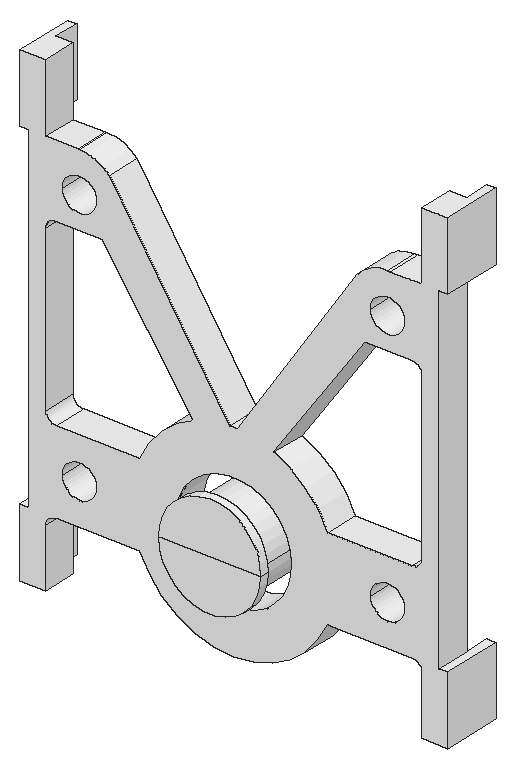
Revit family "Plumbing Fixture-Water_Closet_Carrier_Mifab_MC-24", category Plumbing Fixtures, host Face, Revit 2013
Parameters
  WFU = 0
  URL = "www.mifab.com"
  Model = "MC-24"
  Manufacturer = "MIFAB"
  Floor Drain Material = Paint - Sherwin Williams Paint - #952C2A - Bellwood Red
  Description = "Residential Water Closet Carrier"
  Default Elevation = 0.000"
  Assembly Code = ""
Reference planes (in)
  plane 1 "Center (Front/Back)": y = 0
  plane 2: z = 0
  plane 3 "Center (Left/Right)": x = 0
Forms (in)
  Extrusion 1, solid, material "Paint - Sherwin Williams Paint - #952C2A - Bellwood Red" <- "Floor Drain Material"
    sketch origin (0, 0.373, -11.04283) x (1, 0, 0) y (0, 0, 1)
      loop
        line (-6, 24.93201) -> (-6, 11.04283) -> (-5.5, 11.04283) -> (-5.5, 12.75458)
        arc (-5.5, 12.75458) -> (-5.40779, 12.96623) -> (-5.19, 13.04283) r 0.28902
        line (-5.19, 13.04283) -> (-2.74641, 13.04283)
        arc (-2.74641, 13.04283) -> (0, 11.25) -> (2.74641, 13.04283) r 3
        line (2.74641, 13.04283) -> (5.19, 13.04283)
        arc (5.19, 13.04283) -> (5.40779, 12.96623) -> (5.5, 12.75458) r 0.28902
        line (5.5, 12.75458) -> (5.5, 11.04283) -> (6, 11.04283) -> (6, 24.93201) -> (5.5, 24.93201) -> (5.5, 22.93201) -> (4.56775, 22.93201) -> (4.5, 22.93201)
        arc (4.5, 22.93201) -> (4.02491, 22.83234) -> (3.62996, 22.55011) r 1.18201
        line (3.62996, 22.55011) -> (0.12744, 17.24729)
        arc (0.12744, 17.24729) -> (0, 17.25) -> (-0.12744, 17.24729) r 3
        line (-0.12744, 17.24729) -> (-3.62996, 22.55011)
        arc (-3.62996, 22.55011) -> (-4.02491, 22.83234) -> (-4.5, 22.93201) r 1.18201
        line (-4.5, 22.93201) -> (-4.56775, 22.93201) -> (-5.5, 22.93201) -> (-5.5, 24.93201) -> (-6, 24.93201)
      loop
        circle (-4.5, 21.75) r 0.5
      loop
        circle (-4.5, 14.25) r 0.5
      loop
        line (-1.17909, 17.00858) -> (-3.84985, 20.82283) -> (-5.19, 20.82283)
        arc (-5.19, 20.82283) -> (-5.40779, 20.74623) -> (-5.5, 20.53457) r 0.28902
        line (-5.5, 20.53457) -> (-5.5, 15.74542)
        arc (-5.5, 15.74542) -> (-5.40779, 15.53377) -> (-5.19, 15.45717) r 0.28902
        line (-5.19, 15.45717) -> (-2.74641, 15.45717)
        arc (-2.74641, 15.45717) -> (-2.11047, 16.38211) -> (-1.17909, 17.00858) r 3
      loop
        circle (4.5, 21.75) r 0.5
      loop
        circle (4.5, 14.25) r 0.5
      loop
        line (5.5, 15.74542) -> (5.5, 20.53457)
        arc (5.5, 20.53457) -> (5.40779, 20.74623) -> (5.19, 20.82283) r 0.28902
        line (5.19, 20.82283) -> (3.84985, 20.82283) -> (1.17909, 17.00858)
        arc (1.17909, 17.00858) -> (2.11047, 16.38211) -> (2.74641, 15.45717) r 3
        line (2.74641, 15.45717) -> (5.19, 15.45717)
        arc (5.19, 15.45717) -> (5.40779, 15.53377) -> (5.5, 15.74542) r 0.28902
      loop
        circle (0, 14.25) r 1.70719
    from 0 to 1
  Revolve 2, solid, material "Paint - Sherwin Williams Paint - #952C2A - Bellwood Red" <- "Floor Drain Material"
    sketch origin (0, 0, 3.20717) x (1, 0, 0) y (0, 1, 0)
      loop
        line (0, -1.5) -> (0, 1.5) -> (-1.5, 1.5) -> (-1.5, 1.25) -> (-1.25, 1.25) -> (-1.25, -1.25) -> (-1.5, -1.25) -> (-1.5, -1.5) -> (0, -1.5)
      axis (0, -1.5) -> (0, 1.5)
    angle from 0 to 360
  Extrusion 3, solid, material "Paint - Sherwin Williams Paint - #952C2A - Bellwood Red" <- "Floor Drain Material"
    sketch origin (0, -0.627, -11.04283) x (1, 0, 0) y (0, 0, 1)
      loop
        line (6, 24.93201) -> (6, 22.93201) -> (6.25, 22.93201) -> (6.25, 24.93201) -> (6, 24.93201)
      loop
        line (6, 13.04283) -> (6, 11.04283) -> (6.25, 11.04283) -> (6.25, 13.04283) -> (6, 13.04283)
      loop
        line (-6, 24.93201) -> (-6.25, 24.93201) -> (-6.25, 22.93201) -> (-6, 22.93201) -> (-6, 24.93201)
      loop
        line (-6, 13.04283) -> (-6.25, 13.04283) -> (-6.25, 11.04283) -> (-6, 11.04283) -> (-6, 13.04283)
    from 0 to -1.75
  Extrusion 4, solid, material "Paint - Sherwin Williams Paint - #952C2A - Bellwood Red" <- "Floor Drain Material"
    sketch origin (0, 1.5, 3.20717) x (0, 0, -1) y (-1, 0, 0)
      loop
        circle (0, 0) r 1.5
    from -0.25 to 0
Cuts and joins
  joined: Extrusion 1, Extrusion 3
Dimensions and locks (in)
  Extrusion 1 sketch curve to Extrusion 1 sketch curve = 7.500"
  locked: Extrusion 1 sketch curve to plane 3 "Center (Left/Right)" at 6
  Extrusion 1 sketch curve to Extrusion 1 sketch curve = 0.500"
  Extrusion 1 sketch curve to Extrusion 1 sketch curve = 2.41434"
  Revolve 2 sketch curve to Revolve 2 sketch curve = 1.250"
  Revolve 2 sketch curve to plane 3 "Center (Left/Right)" = 1.500"
  Revolve 2 sketch curve to plane 1 "Center (Front/Back)" = 1.500"
  Extrusion 3 sketch curve to Extrusion 1 = 0.250"
  Extrusion 3 sketch curve to Extrusion 3 sketch curve = 2.000"
  aligned and locked: plane 2 to host face
  aligned and locked: level to host face
  aligned and locked: Extrusion 3 sketch curve to Extrusion 1  (x2)
  aligned and locked: Extrusion 3 sketch curve to Extrusion 3 sketch curve  (x2)
  aligned and locked: Extrusion 1 sketch curve to Extrusion 1 sketch curve
  aligned and locked: Extrusion 4 to Revolve 2  (x2)
Connectors (in)
  piping at (0, -1.5, 3.20717)
    settings: on Revolve 2, index 1, connector radius 1 1/2", flow factor 0, pipe flow 0 GPM, pressure drop 0.00 psi, fitting loss kfactor 0, connector angle 0.00°, fixture units 0, engagement length 0.000", flow configuration 0, flow direction 0, fitting loss method 0, system type 7, joint type 0, gender type 0, connector reference index -1, connector utility 0, adjustable connector no, is connector primary yes, fitting loss table "", connector description ""
  piping at (0, 1.5, 3.20717)
    settings: on Extrusion 4, index 2, connector radius 1 1/2", flow factor 0, pipe flow 0 GPM, pressure drop 0.00 psi, fitting loss kfactor 0, connector angle 0.00°, fixture units 0, engagement length 0.000", flow configuration 0, flow direction 0, fitting loss method 0, system type 7, joint type 0, gender type 0, connector reference index -1, connector utility 0, adjustable connector no, is connector primary no, fitting loss table "", connector description ""
